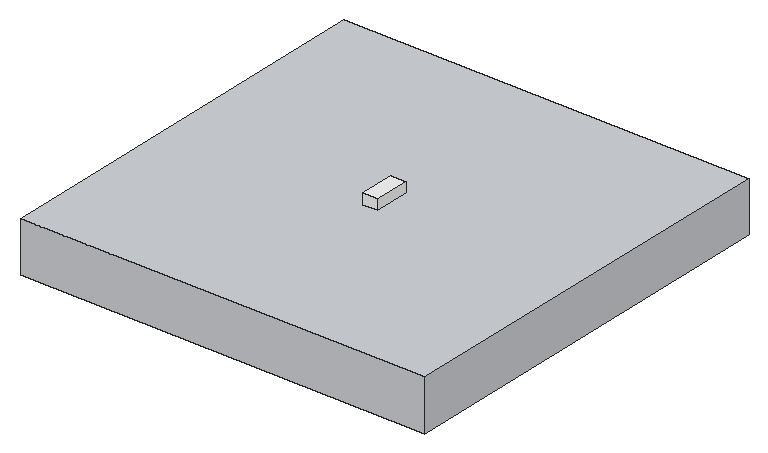
Revit family "SIGUR E4", category Датчики, Revit 2018
Family settings
  Основа = Грань
  Сохранять ориентацию аннотаций = Нет
  Размер круглого соединителя = Использовать диаметр
  Тип детали = Нормальный
  При загрузке вырезать с полостями = Нет
  Общий = Нет
  Точка расчета площади = Да
Parameters
  УГО_Размер = ADSK_Размер_Ширина  # 90 mm
  УГО_Отступ_Упр [instance] = УГО_Отступ_Основа + УГО_Размер / 2  # 45 mm
  УГО_Отступ_Ось [instance] = 0 mm
  УГО_Отступ_Основа [instance] = 0 mm
  Разработчик (телефон) = "+7(495)649-85-43"  # constant formula
  Разработчик (email) = "office@prorubim.com"  # constant formula
  Разработчик (URL) = "http://prorubim.com/ru/"
  Разработчик = "ООО ПРОРУБИМ"  # constant formula
  Default Elevation = 0 mm
  Изготовитель (телефон) = "8 (800) 700-31-83"  # constant formula
  Изготовитель (email) = "https://sigur.com"  # constant formula
  Изготовитель = "SIGUR"  # constant formula
  URL = "https://www.sigur.com/products/controllers/e2_e4/"
  ADSK_Ток = ADSK_Номинальная мощность / (ADSK_Коэффициент мощности * ADSK_Напряжение * sqrt(ADSK_Количество фаз))  # 0.333333 A
  ADSK_Размер_Ширина = 90 mm  # constant formula
  ADSK_Размер_Толщина = 60 mm  # constant formula
  ADSK_Размер_Высота = 215 mm  # constant formula
  ADSK_Полная мощность = ADSK_Номинальная мощность / ADSK_Коэффициент мощности  # 5 VA
  ADSK_Обозначение = "SIGUR"  # constant formula
  ADSK_Номинальная мощность = 4.5 W
  ADSK_Напряжение = 15 V  # constant formula
  ADSK_Наименование краткое = "E4"  # constant formula
  ADSK_Наименование = "Контроллер E4"  # constant formula
  ADSK_Материал = SIGUR_Белый
  ADSK_Масса_Текст = "0.47"  # constant formula
  ADSK_Масса = 0.47  # constant formula
  ADSK_Марка = ADSK_Обозначение  # "SIGUR"
  ADSK_Коэффициент мощности = 0.9  # constant formula
  ADSK_Количество фаз числовое = 1  # constant formula
  ADSK_Количество фаз = 1  # constant formula
  ADSK_Количество = 1  # constant formula
  ADSK_Код изделия = ""
  ADSK_Классификация нагрузок = Прочее
  ADSK_Завод-изготовитель = "ООО Промавтоматика-КД, Нижний Новгород"  # constant formula
  ADSK_Единица измерения = "шт."  # constant formula
  ADSK_Группирование [instance] = ""
  ADSK_Версия семейства = "v1"  # constant formula
  ADSK_Версия Revit = "Revit 2018"  # constant formula
  ADSK_URL страницы изделия = "https://www.sigur.com/products/controllers/e2_e4/"
Reference planes
  plane 1 "По центру (Вперед/Назад)": y = 0
  plane 2: z = 0
  plane 3 "По центру (Влево/Вправо)": x = 0
  plane 4: y = 107.5
  plane 5: y = -107.5
  plane 6: x = -45
  plane 7: x = 45
Forms (mm)
  Extrusion 1, solid
    sketch origin (0, 0, 0) x (1, 0, 0) y (0, 1, 0)
      loop
        line (-1219.2, 1219.2) -> (-1219.2, -1219.2) -> (1219.2, -1219.2) -> (1219.2, 1219.2) -> (-1219.2, 1219.2)
    from 0 to -304.8
  Extrusion 2, solid, material "SIGUR_Белый" <- "ADSK_Материал", detail levels medium+fine
    sketch origin (0, 0, 0) x (1, 0, 0) y (0, 1, 0)
      loop
        line (-45, 107.5) -> (-45, -107.5) -> (45, -107.5) -> (45, 107.5) -> (-45, 107.5)
    from 0 to 60 <- "ADSK_Размер_Толщина"
Dimensions and locks
  equal spacing: plane 6, plane 3 "По центру (Влево/Вправо)", plane 7
  equal spacing: plane 4, plane 1 "По центру (Вперед/Назад)", plane 5
  "ADSK_Размер_Ширина": plane 6 to plane 7
  "ADSK_Размер_Высота": plane 4 to plane 5
  "УГО_Отступ_Ось": nested 1 to plane 3 "По центру (Влево/Вправо)"
  "УГО_Отступ_Упр": nested 1 to plane 2
  aligned and locked: plane 2 to Extrusion 1
  aligned and locked: level to Extrusion 1
  aligned and locked: plane 1 "По центру (Вперед/Назад)" to nested 2
  aligned and locked: plane 3 "По центру (Влево/Вправо)" to nested 2
  aligned and locked: Extrusion 2 sketch curve to plane 4
  aligned and locked: plane 6 to Extrusion 2 sketch curve
  aligned and locked: plane 5 to Extrusion 2 sketch curve
  aligned and locked: Extrusion 2 sketch curve to plane 7
Automatic sketch dimensions
  Extrusion 1 sketch curve to Extrusion 1 sketch curve = 2438.4 mm  (x2)
Nested families
  nested 1: "Вл_Контроллер_УГО_SIGUR" at (0, 0, 45) x (1, 0, 0) z (0, -1, 0), Ширина <- "УГО_Размер", type "Вл_Контроллер_УГО_SIGUR", detail levels coarse
    with Ширина 90 mm, Символические yes, Отступ 15 mm, Модель no
  nested 2: "Вл_Контроллер_УГО_SIGUR" at (0, 0, 0), Ширина <- "УГО_Размер", type "Вл_Контроллер_УГО_SIGUR", detail levels coarse+fine
    with Ширина 90 mm, Символические no, Отступ 15 mm, Модель yes
Connectors
  electrical at (0, 0, 0), driven by "ADSK_Количество фаз", driven by "ADSK_Напряжение", driven by "ADSK_Полная мощность", driven by "ADSK_Коэффициент мощности"
    settings: index 1, voltage 15 V, apparent load 5 VA, apparent load phase1 0 VA, apparent load phase2 0 VA, apparent load phase3 0 VA, power factor 0.9, load classification "Прочее", number of poles 1, system type 30, power factor state 1, is connector primary yes, connector utility no, sub classification motor no, connector description ""
  electrical at (0, 0, 60), driven by "ADSK_Количество фаз", driven by "ADSK_Напряжение", driven by "ADSK_Полная мощность", driven by "ADSK_Коэффициент мощности"
    settings: on Extrusion 2, index 2, voltage 15 V, apparent load 5 VA, apparent load phase1 0 VA, apparent load phase2 0 VA, apparent load phase3 0 VA, power factor 0.9, load classification "Прочее", number of poles 1, system type 5, power factor state 1, is connector primary no, connector utility no, sub classification motor no, connector description ""
Definition of nested family "Вл_Контроллер_УГО_SIGUR"
  Parameters (values of type "Вл_Контроллер_УГО_SIGUR")
    Ширина [instance] = 200 mm
    Символические [instance] = yes
    Отступ [instance] = Ширина / 6  # 33.333 mm
    Default Elevation = 1200 mm
    Модель [instance] = not(Символические)  # no
  Reference planes
    plane 1 "По центру (Вперед/Назад)": y = 0
    plane 2: z = 0
    plane 3 "По центру (Влево/Вправо)": x = 0
    plane 4: y = 100
    plane 5: x = -100
    plane 6: y = -100
    plane 7: x = 100
  Forms (mm)
    Extrusion 1, solid
      sketch origin (0, 0, 0) x (1, 0, 0) y (0, 1, 0)
        loop
          line (-1219.2, 1219.2) -> (-1219.2, -1219.2) -> (1219.2, -1219.2) -> (1219.2, 1219.2) -> (-1219.2, 1219.2)
      from 0 to -304.8
  Lines and regions (mm)
    symbolic lines, visible <- "Символические", detail levels coarse+medium
      curve 1: line (-100, 100, 0) -> (100, 100, 0)
      curve 2: line (-100, -100, 0) -> (-100, 100, 0)
      curve 3: line (100, -100, 0) -> (-100, -100, 0)
      curve 4: line (100, 100, 0) -> (100, -100, 0)
      curve 5: line (-66.667, 66.667, 0) -> (66.667, 66.667, 0)
      curve 6: line (-66.667, -66.667, 0) -> (-66.667, 66.667, 0)
      curve 7: line (66.667, -66.667, 0) -> (-66.667, -66.667, 0)
      curve 8: line (66.667, 66.667, 0) -> (66.667, -66.667, 0)
      curve 9: line (-66.667, 66.667, 0) -> (66.667, -66.667, 0)
      curve 10: line (-66.667, -66.667, 0) -> (66.667, 66.667, 0)
    model lines, visible <- "Модель", detail levels coarse+medium
      curve 11: line (-100, 100, 0) -> (100, 100, 0)
      curve 12: line (-100, -100, 0) -> (-100, 100, 0)
      curve 13: line (100, -100, 0) -> (-100, -100, 0)
      curve 14: line (100, 100, 0) -> (100, -100, 0)
      curve 15: line (-66.667, -66.667, 0) -> (-66.667, 66.667, 0)
      curve 16: line (-66.667, 66.667, 0) -> (66.667, 66.667, 0)
      curve 17: line (66.667, 66.667, 0) -> (66.667, -66.667, 0)
      curve 18: line (66.667, -66.667, 0) -> (-66.667, -66.667, 0)
      curve 19: line (-66.667, 66.667, 0) -> (66.667, -66.667, 0)
      curve 20: line (66.667, 66.667, 0) -> (-66.667, -66.667, 0)
  Dimensions and locks
    equal spacing: plane 5, plane 3 "По центру (Влево/Вправо)", plane 7
    equal spacing: plane 4, plane 1 "По центру (Вперед/Назад)", plane 6
    "Ширина": plane 5 to plane 7
    "Ширина": plane 4 to plane 6
    "Отступ": plane 4 to curve 5
    "Отступ": plane 5 to curve 6
    "Отступ": curve 7 to plane 6
    "Отступ": curve 8 to plane 7
    "Отступ": plane 4 to curve 16
    "Отступ": plane 5 to curve 15
    "Отступ": curve 18 to plane 6
    "Отступ": curve 17 to plane 7
    aligned and locked: plane 2 to Extrusion 1
    aligned and locked: level to Extrusion 1
    aligned and locked: curve 11 to plane 4
    aligned and locked: plane 5 to curve 12
    aligned and locked: plane 6 to curve 13
    aligned and locked: curve 14 to plane 7
  Automatic sketch dimensions
    Extrusion 1 sketch curve to Extrusion 1 sketch curve = 2438.4 mm  (x2)
    curve 20 to curve 6 = 0 mm
